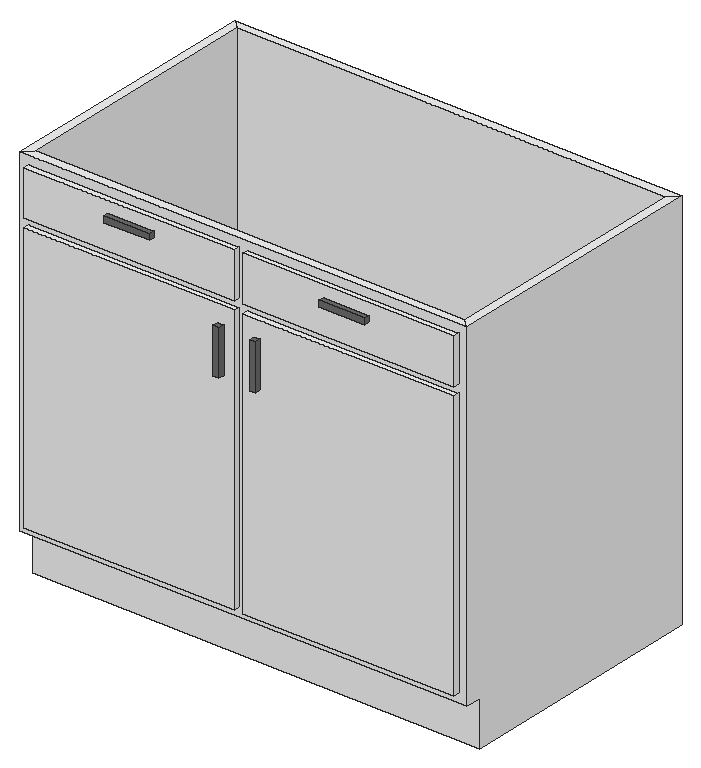
Revit family "M_Armário base-Porta dupla & 2 gavetas", category Componentes de gabinete, Revit 2019
Family settings
  Número OmniClass = 23.40.35.17.47.11
  Título OmniClass = Kitchen Casework
  ID de item do Seek = Base Cabinet-Double Door & 2 Drawer-0000-CAN-ENU
  Com base no plano de trabalho = Não
  Sempre na vertical = Sim
  Corte com vazios quando carregada = Não
  Compartilhado = Não
  Ponto de cálculo do ambiente = Não
Parameters (values of type "1000mm")
  Material do armário = none
  Linear = 600 mm
  Material da porta/gaveta = none
  Material do puxador = Armários - Puxadores
  Altura = 860 mm
  Profundidade da plataforma = 35 mm
  Altura do plinto = 100 mm
  Largura = 1000 mm
Types (3, lengths in mm): name | Largura
  (no name) | 1000
  600mm | 600
  1000mm | 1000
Reference planes
  plane 1 "Parte posterior": y = 0
  plane 2: z = 0
  plane 3 "Centro": x = 18.738
  plane 4 "Esquerda": x = -481.262
  plane 5 "Direita": x = 518.738
  plane 6 "Parte frontal": y = -600
  plane 7 "Superior": z = 860
  plane 8: y = -565
  plane 9: z = 100
  plane 10: z = 840.95
  plane 11: z = 119.05
  plane 12: x = -462.212
  plane 13: x = 499.688
  plane 14: z = 739.35
  plane 15: z = 720.3
  plane 16: x = -272.537
  plane 17: x = -170.937
  plane 18: z = 815.55
  plane 19: z = 802.85
  plane 20: z = 682.2
  plane 21: z = 580.6
  plane 22: x = -16.187
  plane 23: x = -28.887
  plane 24: x = 9.213
  plane 25: x = 28.263
  plane 26: x = 53.663
  plane 27: x = 66.363
  plane 28: x = -221.737
  plane 29: x = 259.213
  plane 30: x = 208.413
  plane 31: x = 310.013
  plane 32: z = 419.675
Forms (mm)
  Extrusion 1, solid, material <- "Material do armário"
    sketch origin (0, 0, 0) x (1, 0, 0) y (0, 1, 0)
      loop
        line (-481.262, 0) -> (-481.262, -565) -> (518.738, -565) -> (518.738, 0) -> (-481.262, 0)
    from 0 to 100
  Sweep 2, solid, material <- "Material do armário"
    path origin (0, 0, 0) x (1, 0, 0) y (0, 1, 0)
      loop
        line (518.738, 0) -> (-481.262, 0) -> (-481.262, -600) -> (518.738, -600) -> (518.738, 0)
    profile origin (0, -300, 0) x (1, 0, 0) y (0, 0, 1)
      loop
        line (518.738, 100) -> (518.738, 860) -> (499.688, 860) -> (499.688, 100) -> (518.738, 100)
  Extrusion 3, solid, material <- "Material do armário"
    sketch origin (0, 0, 0) x (1, 0, 0) y (0, 1, 0)
      loop
        line (-462.212, -19.05) -> (-462.212, -580.95) -> (499.688, -580.95) -> (499.688, -19.05) -> (-462.212, -19.05)
    from 119.05 to 100
  Extrusion 4, solid, material <- "Material da porta/gaveta"
    sketch origin (0, -600, 0) x (1, 0, 0) y (0, 0, 1)
      loop
        line (-462.212, 840.95) -> (-462.212, 739.35) -> (9.213, 739.35) -> (9.213, 840.95) -> (-462.212, 840.95)
      loop
        line (28.263, 840.95) -> (28.263, 739.35) -> (499.688, 739.35) -> (499.688, 840.95) -> (28.263, 840.95)
      loop
        line (-462.212, 720.3) -> (-462.212, 119.05) -> (9.213, 119.05) -> (9.213, 720.3) -> (-462.212, 720.3)
      loop
        line (28.263, 720.3) -> (28.263, 119.05) -> (499.688, 119.05) -> (499.688, 720.3) -> (28.263, 720.3)
    from 0 to 12.7
  Extrusion 5, solid, material "Armários - Puxadores" <- "Material do puxador"
    sketch origin (0, -600, 0) x (1, 0, 0) y (0, 0, 1)
      loop
        line (-272.537, 815.55) -> (-272.537, 802.85) -> (-170.937, 802.85) -> (-170.937, 815.55) -> (-272.537, 815.55)
      loop
        line (208.413, 815.55) -> (208.413, 802.85) -> (310.013, 802.85) -> (310.013, 815.55) -> (208.413, 815.55)
      loop
        line (-28.887, 682.2) -> (-28.887, 580.6) -> (-16.187, 580.6) -> (-16.187, 682.2) -> (-28.887, 682.2)
      loop
        line (53.663, 682.2) -> (53.663, 580.6) -> (66.363, 580.6) -> (66.363, 682.2) -> (53.663, 682.2)
    from 12.7 to 25.4
Cuts and joins
  joined: Extrusion 1, Sweep 2
Lines and regions (mm)
  Masking region 1
    outline origin (0, 0, 0) x (1, 0, 0) y (0, 1, 0)
      loop
        line (-481.262, 0) -> (-481.262, -600) -> (518.738, -600) -> (518.738, 0) -> (-481.262, 0)
  model lines
    curve 1: line (499.688, -600, 739.35) -> (28.263, -600, 739.35)
    curve 2: line (499.688, -600, 840.95) -> (499.688, -600, 739.35)
    curve 3: line (-462.212, -600, 840.95) -> (9.213, -600, 840.95)
    curve 4: line (-462.212, -600, 739.35) -> (-462.212, -600, 840.95)
    curve 5: line (499.688, -600, 119.05) -> (28.263, -600, 119.05)
    curve 6: line (499.688, -600, 720.3) -> (499.688, -600, 119.05)
    curve 7: line (-462.212, -600, 720.3) -> (9.213, -600, 720.3)
    curve 8: line (-462.212, -600, 119.05) -> (-462.212, -600, 720.3)
    curve 9: line (-272.537, -600, 815.55) -> (-170.937, -600, 815.55)
    curve 10: line (-272.537, -600, 802.85) -> (-272.537, -600, 815.55)
    curve 11: line (-170.937, -600, 802.85) -> (-272.537, -600, 802.85)
    curve 12: line (-170.937, -600, 815.55) -> (-170.937, -600, 802.85)
    curve 13: line (-28.887, -600, 682.2) -> (-16.187, -600, 682.2)
    curve 14: line (-28.887, -600, 580.6) -> (-28.887, -600, 682.2)
    curve 15: line (-16.187, -600, 580.6) -> (-28.887, -600, 580.6)
    curve 16: line (-16.187, -600, 682.2) -> (-16.187, -600, 580.6)
    curve 17: line (28.263, -600, 119.05) -> (28.263, -600, 720.3)
    curve 18: line (9.213, -600, 119.05) -> (9.213, -600, 720.3)
    curve 19: line (66.363, -600, 682.2) -> (53.663, -600, 682.2)
    curve 20: line (66.363, -600, 580.6) -> (66.363, -600, 682.2)
    curve 21: line (53.663, -600, 580.6) -> (66.363, -600, 580.6)
    curve 22: line (53.663, -600, 682.2) -> (53.663, -600, 580.6)
    curve 23: line (28.263, -600, 720.3) -> (499.688, -600, 720.3)
    curve 24: line (9.213, -600, 119.05) -> (-462.212, -600, 119.05)
    curve 25: line (310.013, -600, 815.55) -> (208.413, -600, 815.55)
    curve 26: line (310.013, -600, 802.85) -> (310.013, -600, 815.55)
    curve 27: line (208.413, -600, 802.85) -> (310.013, -600, 802.85)
    curve 28: line (208.413, -600, 815.55) -> (208.413, -600, 802.85)
    curve 29: line (9.213, -600, 739.35) -> (9.213, -600, 840.95)
    curve 30: line (28.263, -600, 739.35) -> (28.263, -600, 840.95)
    curve 31: line (28.263, -600, 840.95) -> (499.688, -600, 840.95)
    curve 32: line (9.213, -600, 739.35) -> (-462.212, -600, 739.35)
  symbolic lines, style "Giro da elevação"
    curve 33: line (9.213, 0, 720.3) -> (-462.212, 0, 419.675)
    curve 34: line (-462.212, 0, 419.675) -> (9.213, 0, 119.05)
    curve 35: line (28.263, 0, 119.05) -> (499.688, 0, 419.675)
    curve 36: line (499.688, 0, 419.675) -> (28.263, 0, 720.3)
Dimensions and locks
  "Linear": plane 6 "Parte frontal" to plane 1 "Parte posterior"
  "Largura": plane 4 "Esquerda" to plane 5 "Direita"
  equal spacing: plane 4 "Esquerda", plane 3 "Centro", plane 5 "Direita"
  "Altura": level to plane 7 "Superior"
  "Altura do plinto": plane 2 to plane 9
  "Profundidade da plataforma": plane 6 "Parte frontal" to plane 8
  locked: plane 4 "Esquerda" to plane 12 at 19.05
  locked: plane 13 to plane 5 "Direita" at 19.05
  locked: plane 7 "Superior" to plane 10 at 19.05
  locked: plane 11 to plane 9 at 19.05
  plane 10 to plane 14 to plane 15 = 101.6 mm locked, 19.05 mm locked
  plane 15 to plane 20 to plane 21 = 38.1 mm locked, 101.6 mm locked
  plane 10 to plane 18 to plane 19 = 25.4 mm locked, 12.7 mm locked
  plane 25 to plane 3 "Centro" to plane 24 = 9.525 mm locked, 9.525 mm locked
  plane 24 to plane 22 to plane 23 = 25.4 mm locked, 12.7 mm locked
  plane 25 to plane 26 to plane 27 = 25.4 mm locked, 12.7 mm locked
  equal spacing: plane 12, plane 28, plane 3 "Centro"
  equal spacing: plane 13, plane 29, plane 3 "Centro"
  plane 16 to plane 28 to plane 17 = 50.8 mm locked, 50.8 mm locked
  plane 30 to plane 29 to plane 31 = 50.8 mm locked, 50.8 mm locked
  equal spacing: plane 15, plane 32, plane 11
  aligned and locked: plane 1 "Parte posterior" to Extrusion 1 sketch curve
  aligned and locked: Extrusion 1 sketch curve to plane 5 "Direita"
  aligned and locked: Extrusion 1 sketch curve to plane 8
  aligned and locked: plane 4 "Esquerda" to Extrusion 1 sketch curve
  aligned and locked: Extrusion 1 to level
  aligned and locked: Sweep 2 sketch curve to plane 6 "Parte frontal"
  aligned and locked: plane 1 "Parte posterior" to Sweep 2 sketch curve
  aligned and locked: Sweep 2 sketch curve to plane 5 "Direita"  (x2)
  aligned and locked: plane 4 "Esquerda" to Sweep 2 sketch curve
  aligned and locked: plane 7 "Superior" to Sweep 2 sketch curve
  aligned and locked: plane 9 to Sweep 2 sketch curve
  aligned and locked: Sweep 2 to Extrusion 3 sketch curve  (x2)
  aligned and locked: Extrusion 3 sketch curve to Sweep 2  (x2)
  aligned and locked: Extrusion 3 to plane 11
  aligned and locked: Extrusion 3 to plane 9
  aligned and locked: plane 9 to Extrusion 1
  aligned and locked: plane 4 "Esquerda" to Masking region 1 sketch curve
  aligned and locked: plane 1 "Parte posterior" to Masking region 1 sketch curve
  aligned and locked: Masking region 1 sketch curve to plane 5 "Direita"
  aligned and locked: Masking region 1 sketch curve to plane 6 "Parte frontal"
Automatic sketch dimensions
  profile plane to Sweep 2 sketch curve = 19.05 mm
  Extrusion 4 sketch curve to plane 12 = 0 mm  (x2)
  Extrusion 4 sketch curve to plane 10 = 0 mm  (x2)
  Extrusion 4 sketch curve to plane 24 = 0 mm  (x2)
  Extrusion 4 sketch curve to plane 11 = 0 mm  (x2)
  Extrusion 4 sketch curve to plane 14 = 0 mm  (x2)
  Extrusion 4 sketch curve to plane 25 = 0 mm  (x2)
  Extrusion 4 sketch curve to plane 15 = 0 mm  (x2)
  Extrusion 4 sketch curve to plane 13 = 0 mm  (x2)
  Extrusion 5 sketch curve to plane 16 = 0 mm
  Extrusion 5 sketch curve to plane 17 = 0 mm
  Extrusion 5 sketch curve to plane 20 = 0 mm  (x2)
  Extrusion 5 sketch curve to plane 23 = 0 mm
  Extrusion 5 sketch curve to plane 21 = 0 mm  (x2)
  Extrusion 5 sketch curve to plane 22 = 0 mm
  Extrusion 5 sketch curve to plane 26 = 0 mm
  Extrusion 5 sketch curve to plane 27 = 0 mm
  Extrusion 5 sketch curve to plane 18 = 0 mm  (x2)
  Extrusion 5 sketch curve to plane 30 = 0 mm
  Extrusion 5 sketch curve to plane 19 = 0 mm  (x2)
  Extrusion 5 sketch curve to plane 31 = 0 mm
  curve 31 to plane 10 = 0 mm
  curve 31 to plane 13 = 0 mm
  curve 36 to plane 13 = 0 mm
  curve 6 to plane 13 = 0 mm
  curve 27 to plane 19 = 0 mm
  curve 27 to plane 31 = 0 mm
  curve 25 to plane 18 = 0 mm
  curve 25 to plane 30 = 0 mm
  curve 19 to plane 20 = 0 mm
  curve 19 to plane 27 = 0 mm
  curve 22 to plane 26 = 0 mm
  curve 23 to plane 15 = 0 mm
  curve 23 to plane 25 = 0 mm
  curve 35 to plane 11 = 0 mm
  curve 35 to plane 25 = 0 mm
  curve 30 to plane 25 = 0 mm
  curve 36 to plane 15 = 0 mm
  curve 36 to plane 25 = 0 mm
  curve 18 to plane 11 = 0 mm
  curve 18 to plane 24 = 0 mm
  curve 29 to plane 10 = 0 mm
  curve 29 to plane 24 = 0 mm
  curve 33 to plane 15 = 0 mm
  curve 33 to plane 24 = 0 mm
  curve 34 to plane 11 = 0 mm
  curve 34 to plane 24 = 0 mm
  curve 15 to plane 21 = 0 mm
  curve 15 to plane 22 = 0 mm
  curve 15 to plane 23 = 0 mm
  curve 12 to plane 17 = 0 mm
  curve 9 to plane 16 = 0 mm
  curve 32 to plane 12 = 0 mm
  curve 8 to plane 12 = 0 mm
  curve 34 to plane 12 = 0 mm
  curve 9 to plane 18 = 0 mm
  curve 11 to plane 19 = 0 mm
  curve 32 to plane 14 = 0 mm
  curve 1 to plane 14 = 0 mm
  curve 18 to plane 15 = 0 mm
  curve 16 to plane 20 = 0 mm
  curve 22 to plane 21 = 0 mm
  curve 36 to plane 32 = 0 mm
  curve 33 to plane 32 = 0 mm
  curve 5 to plane 11 = 0 mm
